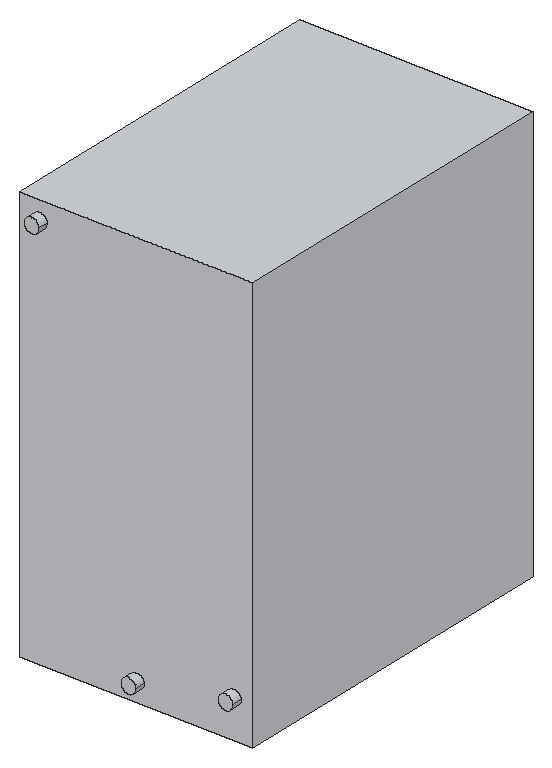
Revit family "b8bae94ff8bb4160ae4b3b8521ad7857", category Mechanical Equipment, Revit 2021
Family settings
  Round Connector Dimension = Use Radius
  Part Type = Normal
  OmniClass Number = 23.75.35.14
  OmniClass Title = Air Handling Units
  Seek Item ID = Rooftop AHU Coil - Refrigerant-0000-USA-ENU
  Work Plane-Based = No
  Always vertical = Yes
  Cut with Voids When Loaded = No
  Shared = No
  Room Calculation Point = No
Parameters (values of type "1500 CFM")
  Unit Width = Duct Width  # 3' - 0"
  Unit Length = 2' - 0"
  Unit Height = Duct Height  # 3' - 7"
  Pipe Radius = 3/4"
  Part Shape = "Rectangular Duct"
  Model = "Outdoor Size 03"
  Duct Width = 36"
  Duct Height = 43"
  Drain Flow [instance] = 0 GPM
  Default Elevation = 0' - 0"
  Air Pressure [instance] = 0.70 in-wg
  Air Flow [instance] = 1500 CFM
Types (10): name | Unit Width | Unit Height | Pipe Radius | Model | Duct Width | Duct Height | Air Flow
  10500 CFM | 6' - 10" | 2' - 11" | 1 1/4" | "Outdoor Size 21" | 82" | 0" | 10500 CFM
  12500 CFM | 7' - 5" | 2' - 11" | 1 1/4" | "Outdoor Size 25" | 89" | 0" | 12500 CFM
  1500 CFM | 3' - 0" | 3' - 7" | 3/4" | "Outdoor Size 03" | 36" | 43" | 1500 CFM
  15000 CFM | 8' - 11" | 2' - 11" | 1 1/4" | "Outdoor Size 30" | 107" | 0" | 15000 CFM
  3000 CFM | 4' - 1" | 2' - 11" | 3/4" | "Outdoor Size 06" | 49" | 0" | 3000 CFM
  4000 CFM | 4' - 9" | 2' - 11" | 1" | "Outdoor Size 08" | 57" | 0" | 4000 CFM
  5000 CFM | 5' - 10" | 2' - 11" | 1" | "Outdoor Size 10" | 70" | 0" | 5000 CFM
  6000 CFM | 5' - 10" | 2' - 11" | 1" | "Outdoor Size 12" | 70" | 0" | 6000 CFM
  7000 CFM | 6' - 3" | 2' - 11" | 1 1/4" | "Outdoor Size 14" | 75" | 0" | 7000 CFM
  8500 CFM | 6' - 10" | 2' - 11" | 1 1/4" | "Outdoor Size 17" | 82" | 0" | 8500 CFM
Reference planes (in)
  plane 1 "Center (Front/Back)": y = 0
  plane 2: z = 0
  plane 3 "Center (Left/Right)": x = 0
  plane 4: x = -24
  plane 5: y = 36
  plane 6: z = 43
  plane 7: x = -12
  plane 8: x = -22
  plane 9: z = 41
  plane 10: z = 2
  plane 11: x = -2
  plane 12: z = 4
  plane 13: y = -1
Forms (in)
  Extrusion 1, solid
    sketch origin (0, 0, 0) x (1, 0, 0) y (0, 1, 0)
      loop
        line (-24, 36) -> (-24, 0) -> (0, 0) -> (0, 36) -> (-24, 36)
    from 0 to 43
  Extrusion 2, solid
    sketch origin (0, 0, 0) x (1, 0, 0) y (0, 0, 1)
      loop
        circle (-22, 41) r 0.75
    from 0 to 1
  Extrusion 3, solid
    sketch origin (0, 0, 0) x (1, 0, 0) y (0, 0, 1)
      loop
        circle (-2, 4) r 0.75
      loop
        circle (-12, 2) r 0.75
    from 0 to 1
Dimensions and locks (in)
  "Unit Width": plane 1 "Center (Front/Back)" to plane 5
  "Unit Length": plane 4 to plane 3 "Center (Left/Right)"
  "Unit Height": plane 6 to plane 2
  equal spacing: plane 3 "Center (Left/Right)", plane 7, plane 4
  locked: plane 12 to plane 10 at 2
  locked: plane 10 to plane 2 at 2
  locked: plane 3 "Center (Left/Right)" to plane 11 at 2
  locked: plane 8 to plane 4 at 2
  locked: plane 6 to plane 9 at 2
  locked: plane 1 "Center (Front/Back)" to plane 13 at 1
  "Pipe Radius": radius of Extrusion 2 sketch curve
  "Pipe Radius": radius of Extrusion 3 sketch curve  (x2)
  aligned and locked: plane 4 to Extrusion 1 sketch curve
  aligned and locked: plane 5 to Extrusion 1 sketch curve
  aligned and locked: plane 1 "Center (Front/Back)" to Extrusion 1 sketch curve
  aligned and locked: Extrusion 1 sketch curve to plane 3 "Center (Left/Right)"
  aligned and locked: Extrusion 1 to plane 2
  aligned and locked: plane 6 to Extrusion 1
  aligned and locked: plane 9 to Extrusion 2 sketch curve
  aligned and locked: plane 8 to Extrusion 2 sketch curve
  aligned and locked: plane 12 to Extrusion 3 sketch curve
  aligned and locked: plane 11 to Extrusion 3 sketch curve
  aligned and locked: plane 10 to Extrusion 3 sketch curve
  aligned and locked: plane 7 to Extrusion 3 sketch curve
  aligned and locked: Extrusion 3 to plane 13
  aligned and locked: Extrusion 2 to plane 13
Connectors (in)
  hvac at (-24, 18, 21.5), driven by "Air Flow", driven by "Duct Height", driven by "Duct Width"
    settings: on Extrusion 1, index 1, duct flow 1500 CFM, flow factor 0, pres drop 0.00 in-wg, loss coef 0, conn angle 0.00°, conn width 36", conn height 43", conn diameter 24", duct sys type 1, conn prof type 1, flow config 0, flow direction 0, loss method 4, conn ref index 2, conn util no, is conn primary yes, conn desc ""
  hvac at (0, 18, 21.5), driven by "Air Pressure", driven by "Air Flow", driven by "Duct Height", driven by "Duct Width"
    settings: on Extrusion 1, index 2, duct flow 1500 CFM, flow factor 0, pres drop 0.70 in-wg, loss coef 0, conn angle 0.00°, conn width 36", conn height 43", conn diameter 24", duct sys type 1, conn prof type 1, flow config 0, flow direction 0, loss method 4, conn ref index 1, conn util no, is conn primary no, conn desc ""
  piping at (-22, -1, 41), diameter 0.625
    settings: on Extrusion 2, index 3, connector inside diameter 5/8", connector length 0' - 0", flow factor 0, pipe flow 0 GPM, pressure drop 0.00 psi, fitting loss kfactor 0, connector angle 0.00°, fixture units 0, engagement length 0' - 0", angle of deflection 0.00°, flow configuration 1, flow direction 1, fitting loss method 0, system type 22, joint type 0, gender type 0, connector reference index 4, connector utility 0, adjustable connector no, is connector primary yes, connector description "Flow In"
  piping at (-2, -1, 4), diameter 0.625
    settings: on Extrusion 3, index 4, connector inside diameter 5/8", connector length 0' - 0", flow factor 0, pipe flow 0 GPM, pressure drop 0.00 psi, fitting loss kfactor 0, connector angle 0.00°, fixture units 0, engagement length 0' - 0", angle of deflection 0.00°, flow configuration 1, flow direction 2, fitting loss method 0, system type 22, joint type 0, gender type 0, connector reference index 3, connector utility 0, adjustable connector no, is connector primary no, connector description "Flow Out"
  piping at (-12, -1, 2), diameter 1.5, driven by "Pipe Radius"
    settings: on Extrusion 3, index 5, connector inside diameter 1 1/2", connector length 0' - 0", flow factor 0, pipe flow 0 GPM, pressure drop 0.00 psi, fitting loss kfactor 0, connector angle 0.00°, fixture units 0, engagement length 0' - 0", angle of deflection 0.00°, flow configuration 1, flow direction 2, fitting loss method 0, system type 16, joint type 0, gender type 0, connector reference index -1, connector utility 0, adjustable connector yes, is connector primary no, connector description ""
